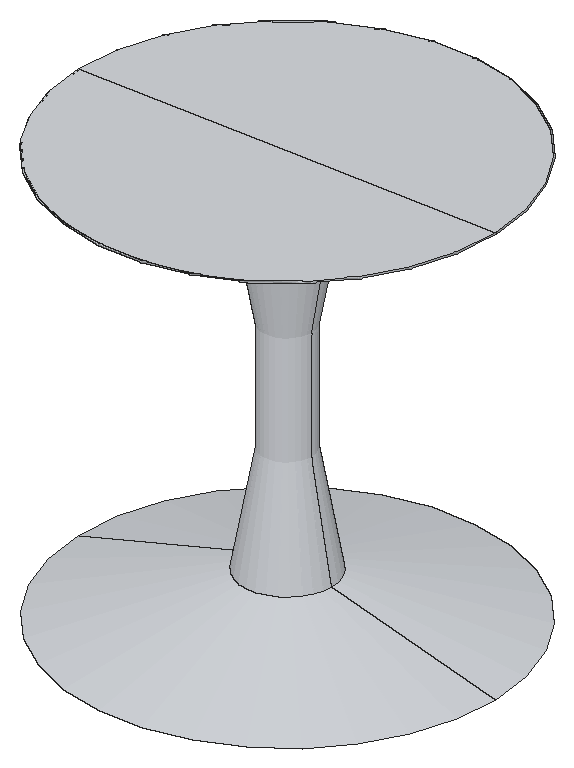
Revit family
Parameters (values of type "All Cherry")
  URL = "http://www.keilhauer.com/"
  Table and Frame = yes
  Table = not(Table and Frame)  # no
  Product Documentation Link = "http://www.keilhauer.com/products/tables/turn.html"
  Model = "3902"
  Manufacturer = "Keilhauer, Corp."  # constant formula
  Keilhauer Turn Base [instance] = none
  Keilhauer Turn Top [instance] = none
  Keilhauer Coarse [instance] = none
  Frame = not(Table and Frame)  # no
  Description = "Table - all cherry"
  Copyright © = "© 2013 Keilhauer, Corp."  # constant formula
  Catalog = "Turn"  # constant formula
  Authoring Version = "Autodesk Revit Architecture 2011"  # constant formula
  Assembly Code = "E2020200"
Types (7): name | Table and Frame | Table | Model | Frame | Description
  (no name) | yes | no | "3902" | no | "Table - all cherry"
  All Maple | yes | no | "3901" | no | "Table - all maple"
  All Cherry | yes | no | "3902" | no | "Table - all cherry"
  All Walnut | yes | no | "3903" | no | "Table - all walnut"
  Half Maple & Half Colour | no | yes | "3904" | yes | "Table - half maple & half colour"
  Half Cherry & Half Colour | no | yes | "3905" | yes | "Table - half cherry & half colour"
  Half Walnut & Half Colour | no | yes | "3906" | yes | "Table - half walnut & half colour"
Reference planes (in)
  plane 1 "Center (Front/Back)": y = 0
  plane 2: z = 0
  plane 3 "Center (Left/Right)": x = 0
Forms (in)
  Revolve 1, solid, material <- "Keilhauer Turn Top", visible <- "Table and Frame", detail levels fine
    sketch origin (0, 0, 0) x (1, 0, 0) y (0, 0, 1)
      loop
        line (0, 0) -> (6.96694, 0) -> (1.5, 1.45598)
        arc (1.5, 1.45598) -> (0.75, 6.95598) -> (1.5, 12.45598) r 20.54166
        line (1.5, 12.45598) -> (6.96391, 13.91249)
        arc (6.96391, 13.91249) -> (6.97795, 13.93345) -> (6.95899, 13.95009) r 0.01913
        line (6.95899, 13.95009) -> (0, 13.95009) -> (0, 0)
      axis (0, 0) -> (0, 13.95009)
    angle from 0 to 360
  Revolve 2, solid, material <- "Keilhauer Coarse", detail levels medium
    sketch origin (0, 0, 0) x (1, 0, 0) y (0, 0, 1)
      loop
        line (0, 0) -> (6.96694, 0) -> (1.5, 1.45598) -> (1.5, 12.45598) -> (6.97811, 13.91627) -> (6.97811, 13.95009) -> (0, 13.95009) -> (0, 0)
      axis (0, 0) -> (0, 13.95009)
    angle from 0 to 360
  Revolve 3, solid, material <- "Keilhauer Turn Base", visible <- "Frame", detail levels fine
    sketch origin (0, 0, 0) x (1, 0, 0) y (0, 0, 1)
      loop
        line (0, 0) -> (6.96694, 0) -> (1.5, 1.45598)
        arc (1.5, 1.45598) -> (0.93836, 4.18053) -> (0.75, 6.95598) r 20.54166
        line (0.75, 6.95598) -> (0, 6.95598) -> (0, 0)
      axis (0, 0) -> (0, 6.95598)
    angle from 0 to 360
  Revolve 4, solid, material <- "Keilhauer Turn Top", visible <- "Table", detail levels fine
    sketch origin (0, 0, 0) x (1, 0, 0) y (0, 0, 1)
      loop
        line (0, 6.95598) -> (0.75, 6.95598)
        arc (0.75, 6.95598) -> (0.93836, 9.73143) -> (1.5, 12.45598) r 20.54166
        line (1.5, 12.45598) -> (6.96391, 13.91249)
        arc (6.96391, 13.91249) -> (6.97795, 13.93345) -> (6.95899, 13.95009) r 0.01913
        line (6.95899, 13.95009) -> (0, 13.95009) -> (0, 6.95598)
      axis (0, 6.95598) -> (0, 13.95009)
    angle from 0 to 360
  Revolve 5, solid, material <- "Keilhauer Coarse", detail levels coarse
    sketch origin (0, 0, 0) x (1, 0, 0) y (0, 0, 1)
      loop
        line (0, 0) -> (6.96694, 0) -> (6.96694, 13.95009) -> (0, 13.95009) -> (0, 0)
      axis (0, 0) -> (0, 13.95009)
    angle from 0 to 360
Lines and regions (in)
  Masking region 1
    outline origin (0, 0, 13.95009) x (1, 0, 0) y (0, 1, 0)
      loop
        circle (0, 0) r 6.97811
Dimensions and locks (in)
  Revolve 1 sketch curve to Revolve 1 sketch curve to Revolve 1 sketch curve to Revolve 1 sketch curve to Revolve 1 sketch curve to Revolve 1 sketch curve = 0.00303" locked, 0.00493" locked, 5.45899" locked, 0.00" locked, 1.50" locked
  Revolve 1 sketch curve to Revolve 1 sketch curve to Revolve 1 sketch curve to Revolve 1 sketch curve to Revolve 1 sketch curve = 0.03761" locked, 1.45651" locked, 11.00" locked, 1.45598" locked
  Revolve 3 sketch curve to Revolve 3 sketch curve to Revolve 3 sketch curve to Revolve 3 sketch curve = 5.46694" locked, 0.75" locked, 0.75" locked
  Revolve 3 sketch curve to Revolve 3 sketch curve to Revolve 3 sketch curve = 5.50" locked, 1.45598" locked
  Revolve 4 sketch curve to Revolve 4 sketch curve to Revolve 4 sketch curve to Revolve 4 sketch curve to Revolve 4 sketch curve = 0.00493" locked, 5.45899" locked, 0.75" locked, 0.75" locked
  Revolve 4 sketch curve to Revolve 4 sketch curve to Revolve 4 sketch curve to Revolve 4 sketch curve to plane 2 = 0.03761" locked, 1.45651" locked, 5.50" locked, 6.95598" locked
  Revolve 2 sketch curve to Revolve 2 sketch curve to Revolve 2 sketch curve to Revolve 2 sketch curve = 0.01117" locked, 5.46694" locked, 1.50" locked
  Revolve 2 sketch curve to Revolve 2 sketch curve to Revolve 2 sketch curve to Revolve 2 sketch curve = 1.49412" locked, 11.00" locked, 1.45598" locked
  locked: Revolve 5 sketch curve to Revolve 5 sketch curve at 6.96694
  locked: Revolve 5 sketch curve to Revolve 5 sketch curve at 13.95009
  aligned and locked: nested 1 to plane 3 "Center (Left/Right)"
  aligned and locked: Revolve 1 sketch curve to plane 3 "Center (Left/Right)"
  aligned and locked: Revolve 1 sketch curve to level
  aligned and locked: Revolve 1 sketch curve to plane 2
  aligned and locked: Revolve 4 sketch curve to Revolve 3
  aligned and locked: plane 1 "Center (Front/Back)" to nested 1
  aligned and locked: Masking region 1 sketch curve to Revolve 2
Nested families (in)
  nested 1: "Furniture_Tag_Integra" at (0, 0, 0), type "Center", detail levels fine
    with Offset (LR) 0.00"
Definition of nested family "Furniture_Tag_Integra"
  Parameters (values of type "Center")
    P_Width = 0.00"
    Text_Width = "Empty"
    Text_Height = "Empty"
    Text_Diameter = "Empty"
    Text_Depth = "Empty"
    Offset (LR) [instance] = 0.00"
    Model Name = "Empty"
    P_Height = 0.00"
    Distance of Center (not Change) = 0.00"
    P_Diameter = 0.00"
    P_Depth = 0.00"
  Types (2): name | Distance of Center (not Change)
    Center | 0.00"
    Offset | 0.09843"
  Reference planes (in)
    plane 1: y = 0
    plane 2: x = 0
  Lines and regions (in)
    reference lines
      curve 1: line (-0.44359, 0, 0) -> (0.41085, 0, 0)
      curve 3: line (0, 0.32564, 0) -> (0, -0.40221, 0)
    reference lines, not visible
      curve 2: line (-0.44359, 0.09843, 0) -> (0.41085, 0.09843, 0)
      curve 4: line (0, 0.42407, 0) -> (0, -0.30379, 0)
  Text (in)
    label "Empty" at (0.00197, -0.0079, 0), shows "Model Name"
    label "Empty" at (0.00197, 0.09052, 0), shows "Model Name", not visible
  Dimensions and locks (in)
    "Distance of Center (not Change)": plane 1 to curve 1
    "Offset (LR)": curve 3 to plane 2
  Automatic sketch dimensions
    curve 1 to curve 3 = 0.44359"
    curve 3 to curve 1 = 0.41085"
    curve 3 to curve 1 = 0.40221"
    curve 1 to curve 3 = 0.32564"
    curve 2 to curve 4 = 0.44359"
    curve 4 to curve 2 = 0.41085"
    curve 4 to curve 2 = 0.40221"
    curve 2 to curve 4 = 0.32564"
